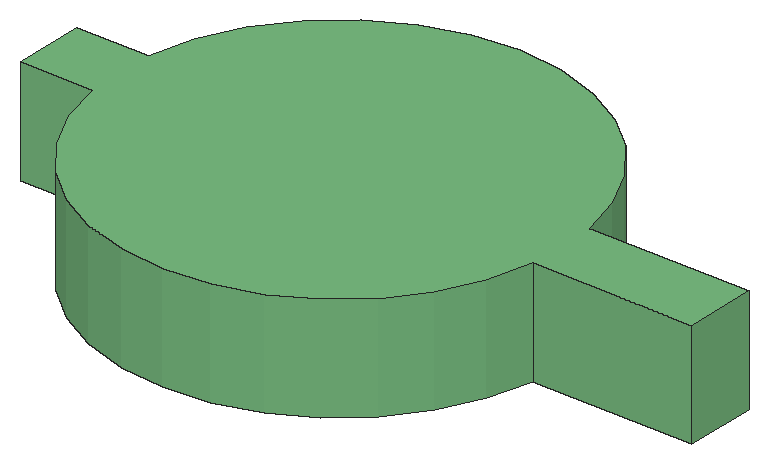
Revit family "Registro ANTIFRAUDE DE 1-2  X 20MM.STEP", category Pipe Accessories, Revit 2020
Family settings
  Round Connector Dimension = Use Diameter
  Part Type = Valve - Normal
  Work Plane-Based = No
  Always vertical = Yes
  Cut with Voids When Loaded = No
  Shared = No
Parameters (values of type "Registro De Corte Antifraude 1-2 X 1-2 Inserto Dzr Interior Corto")
  URL = "https://pcpplasticos.co/wp-content/uploads/2018/05/ARTE-CATALOGO-COLOMBIA-ED-No-5-CV.pdf"
  SKU = "3162"
  Model = SKU  # "3162"
  Manufacturer = "PCP PLASTICOS"
  Imagen = "https://pcpplasticos.co/wp-content/uploads/2018/05/ARTE-CATALOGO-COLOMBIA-ED-No-5-CV.pdf"
  Email = "servicioalcliente@PCPplasticos.com"
  Description = "Registro De Corte Antifraude 1-2 X 1-2 Inserto Dzr Interior Corto"
  Default Elevation = 0 mm
Reference planes
  plane 1 "Center (Front/Back)": y = 0
  plane 2: z = 0
  plane 3 "Center (Left/Right)": x = 0
Forms (mm)
  Extrusion 1, solid, material "73_169_84(1)"
    sketch origin (0, 0, 0) x (1, 0, 0) y (0, 1, 0)
      loop
        arc (-9.356, -1.49) -> (0, -9.474) -> (9.356, -1.49) r 9.474
        line (9.356, -1.49) -> (16.1, -1.49) -> (16.1, 1.49) -> (9.356, 1.49)
        arc (9.356, 1.49) -> (0, 9.474) -> (-9.356, 1.49) r 9.474
        line (-9.356, 1.49) -> (-12.421, 1.49) -> (-12.421, -1.49) -> (-9.356, -1.49)
    from 44.5 to 49
Dimensions and locks
  aligned and locked: level to plane 2
Connectors
  piping at (-29, 0, 0), diameter 12.7
    settings: on import instance, index 1, connector inside diameter 609.6 mm, connector length 0 mm, flow factor 0, pipe flow 0.0 L/s, pressure drop 0.0 Pa, fitting loss kfactor 0, connector angle 0.00°, fixture units 0, engagement length 0 mm, angle of deflection 0.00°, flow configuration 0, flow direction 0, fitting loss method 0, system type 7, joint type 0, gender type 0, connector reference index -1, connector utility 0, adjustable connector no, is connector primary yes, connector description ""
  piping at (29, 0, 0), diameter 12.7
    settings: on import instance, index 2, connector inside diameter 609.6 mm, connector length 0 mm, flow factor 0, pipe flow 0.0 L/s, pressure drop 0.0 Pa, fitting loss kfactor 0, connector angle 0.00°, fixture units 0, engagement length 0 mm, angle of deflection 0.00°, flow configuration 0, flow direction 0, fitting loss method 0, system type 7, joint type 0, gender type 0, connector reference index -1, connector utility 0, adjustable connector no, is connector primary no, connector description ""
